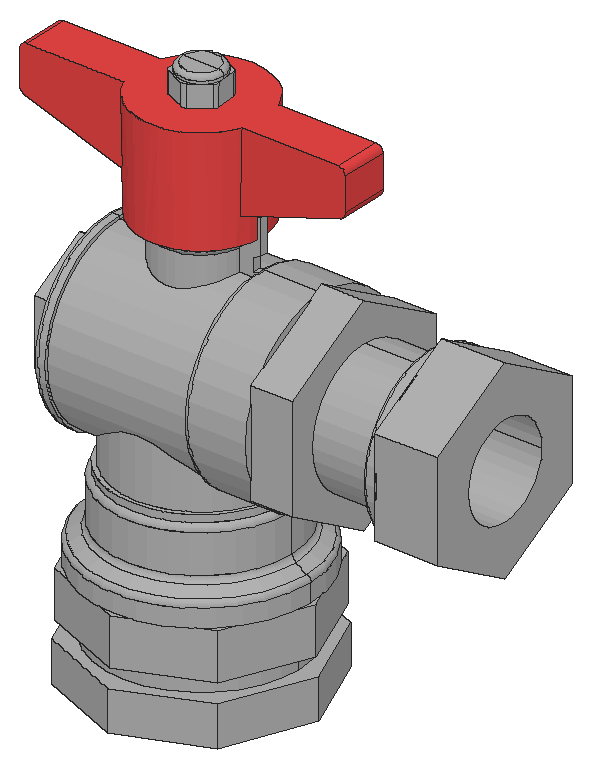
Revit family "QD40420000", category Apparecchi idraulici, Revit 2016
Family settings
  Tipo di parte = Normale
  Quota connettore circolare = Usa diametro
  Numero OmniClass = 23.45.00.00
  Titolo OmniClass = Sanitary, Laundry, and Cleaning Equipment
  Basato su piano di lavoro = No
  Sempre verticale = Sì
  Taglio con vuoti quando caricato = No
  Condiviso = No
  Punto di calcolo locali = No
Parameters
  URL = "https://web.cimberio.it/index.php/figura/282?subcategoria_id=43550"
  Produttore = "CIMBERIO SPA"
  Modello = "Cim 284BR"
  DN Model [instance] = QD40423163 : QD40423163
  DN [instance] = 20 mm
Reference planes
  plane 1 "Centro (Fronte/Retro)": y = 0
  plane 2: z = 0
  plane 3 "Centro (Sinistra/Destra)": x = 0
Dimensions and locks
  aligned and locked: level to plane 2
Nested families
  nested 1: "QD40423163" at (0, 0, 0), type <- "DN Model", type "QD40423163"
  nested 2: "QD40423163" at (0, 0, 0), type <- "DN Model", type "QD40423163"
  nested 3: "QD40423163" at (0, 0, 0), type <- "DN Model", type "QD40423163"
  nested 4: "QD40423163" at (0, 0, 0), type <- "DN Model", type "QD40423163"
  nested 5: "QD40423163" at (0, 0, 0), type <- "DN Model", type "QD40423163"
  nested 6: "QD40423163" at (0, 0, 0), type <- "DN Model", type "QD40423163"
  nested 7: "QD40423163" at (0, 0, 0), type <- "DN Model", type "QD40423163"
  nested 8: "QD40423163" at (0, 0, 0), type <- "DN Model", type "QD40423163"
  nested 9: "QD40423163" at (0, 0, 0), type <- "DN Model", type "QD40423163"
Connectors
  piping at (65.285, 0, 0), diameter 20, driven by "DN"
    settings: on nested 1, index 1, connector inside diameter 609.6 mm, connector length 0 mm, flow factor 0, pipe flow 0.0 L/s, pressure drop 0.0 Pa, fitting loss kfactor 0, connector angle 0.00°, fixture units 0, engagement length 0 mm, angle of deflection 0.00°, flow configuration 0, flow direction 0, fitting loss method 0, system type 7, joint type 0, gender type 0, connector reference index -1, connector utility 0, adjustable connector no, is connector primary yes, connector description ""
  piping at (0, 0, -62.271), diameter 20, driven by "DN"
    settings: on nested 1, index 2, connector inside diameter 609.6 mm, connector length 0 mm, flow factor 0, pipe flow 0.0 L/s, pressure drop 0.0 Pa, fitting loss kfactor 0, connector angle 0.00°, fixture units 0, engagement length 0 mm, angle of deflection 0.00°, flow configuration 0, flow direction 0, fitting loss method 0, system type 7, joint type 0, gender type 0, connector reference index -1, connector utility 0, adjustable connector no, is connector primary no, connector description ""
Definition of nested family "QD40423163"
  Parameters (values of type "QD40423163")
    Model = ""
  Reference planes
    plane 1 "Centro (Fronte/Retro)": y = 0
    plane 2: z = 0
    plane 3 "Centro (Sinistra/Destra)": x = 0
  Forms (mm)
    Revolve 1, solid
      sketch origin (0, 0, 0) x (1, 0, 0) y (0, 0, 1)
        loop
          line (-17.6, 10) -> (25.985, 10) -> (25.985, 20.5) -> (13.5, 20.5)
          arc (13.5, 20.5) -> (12.793, 20.207) -> (12.5, 19.5) r 1
          line (12.5, 19.5) -> (-17.6, 19.5) -> (-17.6, 10)
        axis (-17.6, 0) -> (25.985, 0)
      angle from 0 to 360
    Revolve 2, solid
      sketch origin (0, 0, 0) x (1, 0, 0) y (0, 0, 1)
        loop
          line (-17.6, 20) -> (-19.099, 20)
          arc (-19.099, 20) -> (-19.807, 19.707) -> (-20.1, 19) r 1
          line (-20.1, 19) -> (-20.1, 10) -> (-17.6, 10) -> (-17.6, 20)
        axis (-20.1, 0) -> (-17.6, 0)
      angle from 0 to 360
    Revolve 3, solid
      sketch origin (0, 0, 0) x (1, 0, 0) y (0, 0, 1)
        loop
          line (34.985, 14) -> (34.985, 10) -> (49.316, 10) -> (49.316, 14) -> (34.985, 14)
        axis (34.985, 0) -> (49.316, 0)
      angle from 0 to 360
    Revolve 4, solid
      sketch origin (18.485, 0, 0) x (1, 0, 0) y (0, 0, 1)
        loop
          arc (31.3, 18) -> (30.946, 17.854) -> (30.8, 17.5) r 0.5
          line (30.8, 17.5) -> (30.8, 10) -> (33.324, 10) -> (33.324, 18) -> (31.3, 18)
        axis (30.8, 0) -> (33.324, 0)
      angle from 0 to 360
    Revolve 5, solid
      sketch origin (0, 0, 0) x (1, 0, 0) y (0, 0, 1)
        loop
          line (-10, -6.076) -> (-17.6, -6.076) -> (-17.6, -20.903)
          arc (-17.6, -20.903) -> (-18.051, -20.927) -> (-18.5, -20.98) r 7.058
          line (-18.5, -20.98) -> (-18.5, -22.48)
          arc (-18.5, -22.48) -> (-19.225, -23.027) -> (-19.5, -23.893) r 1.496
          line (-19.5, -23.893) -> (-19.5, -32.133)
          arc (-19.5, -32.133) -> (-19.701, -32.883) -> (-20.25, -33.433) r 1.5
          line (-20.25, -33.433) -> (-22.75, -34.876)
          arc (-22.75, -34.876) -> (-23.299, -35.426) -> (-23.5, -36.177) r 1.5
          line (-23.5, -36.177) -> (-23.5, -40) -> (-10, -40) -> (-10, -6.076)
        axis (0, -6.076) -> (0, -40)
      angle from 0 to 360
    Revolve 6, solid
      sketch origin (0, 0, 0) x (1, 0, 0) y (0, 0, 1)
        loop
          line (-21, -53.771) -> (-10, -53.771) -> (-10, -50) -> (-21, -50) -> (-21, -53.771)
        axis (0, -50) -> (0, -53.771)
      angle from 0 to 360
    Revolve 7, solid
      sketch origin (0, 0, 0) x (1, 0, 0) y (0, 0, 1)
        loop
          line (5, 31.3) -> (5, 15.282) -> (9.381, 15.282) -> (9.381, 24)
          arc (9.381, 24) -> (9.751, 24.365) -> (9.887, 24.866) r 0.994
          line (9.887, 24.866) -> (9.887, 31.3) -> (5, 31.3)
        axis (0, 31.3) -> (0, 15.282)
      angle from 0 to 360
    Revolve 8, solid
      sketch origin (0, 0, 0) x (1, 0, 0) y (0, 0, 1)
        loop
          line (-1.75, 26.8) -> (-1.75, 32.8) -> (0, 32.8) -> (0, 49.8) -> (-13.579, 49.8) -> (-13.134, 26.8) -> (-1.75, 26.8)
        axis (0, 49.8) -> (0, 26.8)
      angle from 0 to 360
    Revolve 9, solid
      sketch origin (0, 0, 0) x (1, 0, 0) y (0, 0, 1)
        loop
          line (0, 55.8) -> (0, 53.928) -> (4.75, 53.928) -> (4.75, 54.8)
          arc (4.75, 54.8) -> (4.456, 55.508) -> (3.748, 55.8) r 1
          line (3.748, 55.8) -> (0, 55.8)
        axis (0, 55.8) -> (0, 53.928)
      angle from 0 to 360
    Extrusion 10, solid
      sketch origin (0, 0, 0) x (1, 0, 0) y (0, 0, 1)
        loop
          arc (-33.5, 49.8) -> (-34.561, 49.361) -> (-35, 48.3) r 1.5
          line (-35, 48.3) -> (-35, 41.227)
          arc (-35, 41.227) -> (-34.714, 40.345) -> (-33.964, 39.8) r 1.5
          line (-33.964, 39.8) -> (-10.874, 32.298) -> (-10.874, 49.8) -> (-33.5, 49.8)
        loop
          line (33.5, 49.8) -> (10.874, 49.8) -> (10.874, 32.298) -> (33.964, 39.8)
          arc (33.964, 39.8) -> (34.714, 40.345) -> (35, 41.227) r 1.5
          line (35, 41.227) -> (35, 48.3)
          arc (35, 48.3) -> (34.561, 49.361) -> (33.5, 49.8) r 1.5
      from -5 to 5
    Extrusion 11, solid
      sketch origin (0, 0, 28.55) x (1, 0, 0) y (0, 1, 0)
        loop
          line (-1.146, 5.373) -> (-4.802, 2.675)
          arc (-4.802, 2.675) -> (-5.145, 2.245) -> (-5.227, 1.701) r 1.063
          line (-5.227, 1.701) -> (-4.719, -2.806)
          arc (-4.719, -2.806) -> (-4.514, -3.33) -> (-4.073, -3.682) r 1.088
          line (-4.073, -3.682) -> (0.09, -5.499)
          arc (0.09, -5.499) -> (0.628, -5.58) -> (1.134, -5.381) r 1.051
          line (1.134, -5.381) -> (4.803, -2.674)
          arc (4.803, -2.674) -> (5.145, -2.245) -> (5.227, -1.703) r 1.06
          line (5.227, -1.703) -> (4.717, 2.823)
          arc (4.717, 2.823) -> (4.517, 3.333) -> (4.089, 3.675) r 1.058
          line (4.089, 3.675) -> (-0.077, 5.493)
          arc (-0.077, 5.493) -> (-0.628, 5.576) -> (-1.146, 5.373) r 1.076
      from 21.25 to 25.75
    Extrusion 12, solid
      sketch origin (0, 0, 0) x (1, 0, 0) y (0, 0, 1)
        loop
          line (14, 31.3) -> (8.237, 31.3) -> (8.237, 18.694) -> (13.5, 18.694) -> (13.5, 20.5) -> (12.5, 20.5) -> (12.5, 23.134) -> (14, 24) -> (14, 31.3)
      from 0 to 1.41
    Extrusion 13, solid
      sketch origin (-11, 0, 0) x (0, 0, 1) y (0, 1, 0)
        loop
          circle (0, 0) r 10
        loop
          line (14, 0) -> (7, 12.124) -> (-7, 12.124) -> (-14, 0) -> (-7, -12.124) -> (7, -12.124) -> (14, 0)
      from 9.1 to 15.1
    Extrusion 14, solid
      sketch origin (0, 0, 0) x (0, 1, 0) y (0, 0, 1)
        loop
          circle (0, 0) r 10
        loop
          line (0, 20.75) -> (-17.97, 10.375) -> (-17.97, -10.375) -> (0, -20.75) -> (17.97, -10.375) -> (17.97, 10.375) -> (0, 20.75)
      from 51.785 to 65.285
    Extrusion 15, solid
      sketch origin (0, 0, 28.55) x (1, 0, 0) y (0, 1, 0)
        loop
          circle (0, 0) r 10
        loop
          line (0, 24.7) -> (-17.466, 17.466) -> (-24.7, 0) -> (-17.466, -17.466) -> (0, -24.7) -> (17.466, -17.466) -> (24.7, 0) -> (17.466, 17.466) -> (0, 24.7)
      from -78.55 to -68.55
    Extrusion 16, solid
      sketch origin (0, 0, 28.55) x (1, 0, 0) y (0, 1, 0)
        loop
          circle (0, 0) r 10
        loop
          line (0, 25.2) -> (-17.819, 17.819) -> (-25.2, 0) -> (-17.819, -17.819) -> (0, -25.2) -> (17.819, -17.819) -> (25.2, 0) -> (17.819, 17.819) -> (0, 25.2)
      from -90.821 to -82.321
    Revolve 17, solid
      sketch origin (0, 0, 0) x (1, 0, 0) y (0, 0, 1)
        loop
          line (25.985, 16.475) -> (25.985, 10) -> (28.985, 10) -> (28.985, 16.475) -> (25.985, 16.475)
        axis (25.985, 0) -> (28.985, 0)
      angle from 0 to 360
    Extrusion 18, solid
      sketch origin (0, 0, 0) x (0, 1, 0) y (0, 0, 1)
        loop
          line (0, 22.2) -> (-19.226, 11.1) -> (-19.226, -11.1) -> (0, -22.2) -> (19.226, -11.1) -> (19.226, 11.1) -> (0, 22.2)
        loop
          circle (0, 0) r 10
      from 25.985 to 34.985
  Cuts and joins
    joined: Revolve 8, Extrusion 10
  Dimensions and locks
    aligned and locked: level to plane 2
